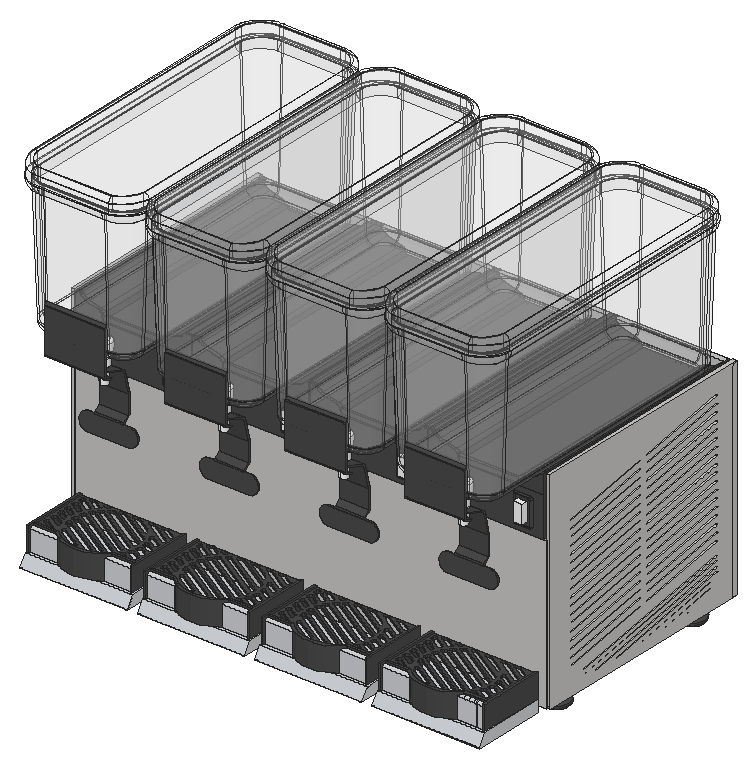
Revit family "QF_Vollrath-VBBD4-37T", category Specialty Equipment, Revit 2018 (continued)
Forms (in)
  Extrusion 43, solid, material "QF_Finishes-Clear Plastic"
    sketch origin (7.0917, 0, 0) x (1, 0, 0) y (0, 1, 0)
      loop
        line (-1.84748, -6.67215) -> (1.84782, -6.67215)
        arc (1.84782, -6.67215) -> (2.32464, -6.47464) -> (2.52215, -5.99781) r 0.67433
        line (2.52215, -5.99781) -> (2.52215, 9.13206)
        arc (2.52215, 9.13206) -> (2.32464, 9.60889) -> (1.84782, 9.8064) r 0.67433
        line (1.84782, 9.8064) -> (-1.84748, 9.8064)
        arc (-1.84748, 9.8064) -> (-2.32251, 9.60963) -> (-2.51928, 9.1346) r 0.6718
    from 12.90709 to 13.05386
  Extrusion 44, solid, material "QF_Finishes-Black Plastic"
    sketch origin (7.06271, 0, 0) x (1, 0, 0) y (0, 1, 0)
      loop
        line (3.18945, -3.12402) -> (-3.14914, -3.12402) -> (-3.14914, -7.27756) -> (-3.05071, -7.27756) -> (-3.05071, -6.9626) -> (-1.68325, -6.9626)
        arc (-1.68325, -6.9626) -> (-1.65302, -6.96863) -> (-1.62741, -6.98581) r 0.07879
        arc (-1.62741, -6.98581) -> (0.01907, -7.67007) -> (1.66554, -6.98581) r 2.323
        arc (1.66554, -6.98581) -> (1.69232, -6.96862) -> (1.72357, -6.9626) r 0.08414
        line (1.72357, -6.9626) -> (3.09102, -6.9626) -> (3.09102, -7.27756) -> (3.18945, -7.27756) -> (3.18945, -3.12402)
      loop
        line (-3.05071, -3.19488) -> (-3.05071, -6.8248) -> (-1.68325, -6.8248)
        arc (-1.68325, -6.8248) -> (-1.60014, -6.84139) -> (-1.52977, -6.88862) r 0.21647
        arc (-1.52977, -6.88862) -> (0.02, -7.53304) -> (1.56978, -6.88862) r 2.18576
        arc (1.56978, -6.88862) -> (1.64015, -6.84139) -> (1.72326, -6.8248) r 0.21647
        line (1.72326, -6.8248) -> (3.09102, -6.8248) -> (3.09102, -3.19488) -> (-3.05071, -3.19488)
    from 1.03543 to 2.48031
  Extrusion 45, solid
    sketch origin (7.06271, 0, 0) x (0, 1, 0) y (0, 0, 1)
      loop
        line (-3.39961, 1.03543) -> (-7.3563, 1.03543) -> (-7.75, 0.3937) -> (-7.75, 0.35433) -> (-3.39961, 0.35433) -> (-3.39961, 1.03543)
    from -3.17717 to 3.27868
  Extrusion 46, solid
    sketch origin (7.06271, 0, 0) x (0, 1, 0) y (0, 0, -1)
      loop
        line (-6.9626, -2.40157) -> (-6.9626, -1.03543) -> (-7.18008, -1.03543) -> (-7.18008, -2.28346)
        arc (-7.18008, -2.28346) -> (-7.08882, -2.37471) -> (-6.9626, -2.40157) r 0.22732
    from -3.09102 to -1.40314
  Extrusion 47, solid, material "QF_Finishes-Black Plastic"
    sketch origin (7.0638, 0, 0) x (1, 0, 0) y (0, 1, 0)
      loop
        line (-3.05071, -6.8248) -> (-1.68325, -6.8248)
        arc (-1.68325, -6.8248) -> (-1.60014, -6.84139) -> (-1.52977, -6.88862) r 0.21647
        arc (-1.52977, -6.88862) -> (0.02, -7.53304) -> (1.56978, -6.88862) r 2.18576
        arc (1.56978, -6.88862) -> (1.64015, -6.84139) -> (1.72326, -6.8248) r 0.21647
        line (1.72326, -6.8248) -> (3.09102, -6.8248) -> (3.09102, -3.19488) -> (-3.05071, -3.19488) -> (-3.05071, -6.8248)
      loop
        line (1.99999, -5.31469) -> (-0.85274, -3.56972)
        arc (-0.85274, -3.56972) -> (-0.90143, -3.55568) -> (-0.95047, -3.56848) r 0.09564
        line (-0.95047, -3.56848) -> (-1.05079, -3.62641)
        arc (-1.05079, -3.62641) -> (-1.09797, -3.71056) -> (-1.05079, -3.79471) r 0.09865
        line (-1.05079, -3.79471) -> (1.89113, -5.59424)
        arc (1.89113, -5.59424) -> (1.98696, -5.59808) -> (2.04057, -5.51856) r 0.09843
        line (2.04057, -5.51856) -> (2.04706, -5.40253)
        arc (2.04706, -5.40253) -> (2.03544, -5.35223) -> (1.99999, -5.31469) r 0.09857
      loop
        line (1.92869, -5.80182) -> (-1.25519, -3.85429)
        arc (-1.25519, -3.85429) -> (-1.31546, -3.84407) -> (-1.37003, -3.87162) r 0.09782
        line (-1.37003, -3.87162) -> (-1.44371, -3.9453)
        arc (-1.44371, -3.9453) -> (-1.47148, -4.02385) -> (-1.42783, -4.09482) r 0.09665
        line (-1.42783, -4.09482) -> (1.79158, -6.06408)
        arc (1.79158, -6.06408) -> (1.8762, -6.07294) -> (1.93593, -6.01235) r 0.09812
        line (1.93593, -6.01235) -> (1.96819, -5.91075)
        arc (1.96819, -5.91075) -> (1.96695, -5.84957) -> (1.92869, -5.80182) r 0.09507
      loop
        line (1.74837, -6.22226) -> (-1.54753, -4.20621)
        arc (-1.54753, -4.20621) -> (-1.61887, -4.19636) -> (-1.67693, -4.23897) r 0.09584
        line (-1.67693, -4.23897) -> (-1.73108, -4.32679)
        arc (-1.73108, -4.32679) -> (-1.743, -4.39877) -> (-1.70104, -4.45845) r 0.09631
        line (-1.70104, -4.45845) -> (1.59739, -6.47604)
        arc (1.59739, -6.47604) -> (1.66914, -6.48577) -> (1.72723, -6.44255) r 0.09587
        line (1.72723, -6.44255) -> (1.78078, -6.35401)
        arc (1.78078, -6.35401) -> (1.79129, -6.28157) -> (1.74837, -6.22226) r 0.09741
      loop
        line (1.48132, -6.58966) -> (-1.74811, -4.61427)
        arc (-1.74811, -4.61427) -> (-1.83177, -4.60731) -> (-1.88979, -4.66798) r 0.09744
        line (-1.88979, -4.66798) -> (-1.92257, -4.76761)
        arc (-1.92257, -4.76761) -> (-1.92194, -4.82904) -> (-1.88395, -4.87732) r 0.0953
        line (-1.88395, -4.87732) -> (1.30511, -6.82801)
        arc (1.30511, -6.82801) -> (1.36581, -6.8405) -> (1.42146, -6.81321) r 0.09579
        line (1.42146, -6.81321) -> (1.49519, -6.73948)
        arc (1.49519, -6.73948) -> (1.52341, -6.66132) -> (1.48132, -6.58966) r 0.09779
      loop
        line (1.10757, -6.89177) -> (-1.84914, -5.0832)
        arc (-1.84914, -5.0832) -> (-1.94458, -5.07917) -> (-1.99846, -5.15805) r 0.0984
        line (-1.99846, -5.15805) -> (-2.00593, -5.27264)
        arc (-2.00593, -5.27264) -> (-1.99506, -5.32396) -> (-1.95906, -5.3621) r 0.09696
        line (-1.95906, -5.3621) -> (0.91264, -7.11867)
        arc (0.91264, -7.11867) -> (0.96072, -7.13194) -> (1.0088, -7.11867) r 0.09375
        line (1.0088, -7.11867) -> (1.10757, -7.05966)
        arc (1.10757, -7.05966) -> (1.15463, -6.97572) -> (1.10757, -6.89177) r 0.0984
      loop
        line (0.60863, -7.11732) -> (-1.82264, -5.63015)
        arc (-1.82264, -5.63015) -> (-1.92999, -5.63329) -> (-1.97033, -5.73281) r 0.09825
        line (-1.97033, -5.73281) -> (-1.93774, -5.87396)
        arc (-1.93774, -5.87396) -> (-1.92175, -5.90738) -> (-1.89442, -5.93238) r 0.09714
        line (-1.89442, -5.93238) -> (0.37225, -7.31886)
        arc (0.37225, -7.31886) -> (0.40695, -7.33252) -> (0.44421, -7.33107) r 0.09073
        line (0.44421, -7.33107) -> (0.58467, -7.29582)
        arc (0.58467, -7.29582) -> (0.65482, -7.21438) -> (0.60863, -7.11732) r 0.09843
      loop
        line (-0.15644, -7.18008) -> (-1.53008, -6.33984)
        arc (-1.53008, -6.33984) -> (-1.65245, -6.35562) -> (-1.66332, -6.47852) r 0.09845
        line (-1.66332, -6.47852) -> (-1.474, -6.72028) -> (-0.52036, -7.30361) -> (-0.21942, -7.36177)
        arc (-0.21942, -7.36177) -> (-0.1148, -7.29628) -> (-0.15644, -7.18008) r 0.09842
      loop
        line (1.92796, -4.73989) -> (-0.30697, -3.37282)
        arc (-0.30697, -3.37282) -> (-0.34079, -3.3598) -> (-0.37704, -3.35963) r 0.10043
        line (-0.37704, -3.35963) -> (-0.52004, -3.39377)
        arc (-0.52004, -3.39377) -> (-0.59167, -3.47506) -> (-0.54547, -3.57306) r 0.09865
        line (-0.54547, -3.57306) -> (1.85831, -5.04342)
        arc (1.85831, -5.04342) -> (1.96624, -5.03999) -> (2.00606, -4.93962) r 0.09842
        line (2.00606, -4.93962) -> (1.97137, -4.79716)
        arc (1.97137, -4.79716) -> (1.95507, -4.76442) -> (1.92796, -4.73989) r 0.09857
      loop
        line (1.46531, -3.92615) -> (0.62845, -3.41426)
        arc (0.62845, -3.41426) -> (0.46776, -3.37153) -> (0.30428, -3.34114) r 2.18615
        arc (0.30428, -3.34114) -> (0.19761, -3.4051) -> (0.23921, -3.5223) r 0.09818
        line (0.23921, -3.5223) -> (1.54679, -4.32213)
        arc (1.54679, -4.32213) -> (1.66978, -4.30502) -> (1.67799, -4.18113) r 0.09835
        arc (1.67799, -4.18113) -> (1.57664, -4.04948) -> (1.46531, -3.92615) r 2.12561
      loop
        line (2.83911, -4.23574) -> (1.36588, -3.33459)
        arc (1.36588, -3.33459) -> (1.34175, -3.32427) -> (1.31572, -3.32087) r 0.09593
        arc (1.31572, -3.32087) -> (1.27881, -3.321) -> (1.2419, -3.32087) r 5.03614
        arc (1.2419, -3.32087) -> (1.14687, -3.39171) -> (1.18925, -3.5024) r 0.0982
        arc (1.18925, -3.5024) -> (1.38493, -3.6409) -> (1.56306, -3.80134) r 2.04444
        line (1.56306, -3.80134) -> (2.73642, -4.51906)
        arc (2.73642, -4.51906) -> (2.8353, -4.51983) -> (2.88433, -4.43395) r 0.09782
        arc (2.88433, -4.43395) -> (2.88401, -4.37627) -> (2.88433, -4.31858) r 5.14481
        arc (2.88433, -4.31858) -> (2.87254, -4.27125) -> (2.83911, -4.23574) r 0.0965
      loop
        line (2.83639, -3.70334) -> (2.23231, -3.33383)
        arc (2.23231, -3.33383) -> (2.21027, -3.32439) -> (2.18655, -3.32087) r 0.09339
        line (2.18655, -3.32087) -> (1.99477, -3.32087)
        arc (1.99477, -3.32087) -> (1.89988, -3.39257) -> (1.94341, -3.50325) r 0.09837
        line (1.94341, -3.50325) -> (2.73528, -3.98763)
        arc (2.73528, -3.98763) -> (2.83413, -3.98931) -> (2.88433, -3.90415) r 0.09818
        arc (2.88433, -3.90415) -> (2.88448, -3.84599) -> (2.88433, -3.78784) r 11.3571
        arc (2.88433, -3.78784) -> (2.87139, -3.73933) -> (2.83639, -3.70334) r 0.09933
      loop
        arc (-2.69423, -5.62775) -> (-2.79372, -5.62586) -> (-2.84402, -5.71171) r 0.09843
        line (-2.84402, -5.71171) -> (-2.84402, -5.82709)
        arc (-2.84402, -5.82709) -> (-2.83145, -5.87522) -> (-2.79695, -5.91106) r 0.09843
        line (-2.79695, -5.91106) -> (-2.13741, -6.31449)
        arc (-2.13741, -6.31449) -> (-2.02317, -6.30683) -> (-1.99384, -6.19615) r 0.09819
        line (-1.99384, -6.19615) -> (-2.04986, -6.04886)
        arc (-2.04986, -6.04886) -> (-2.066, -6.01898) -> (-2.09144, -5.99647) r 0.09728
        line (-2.09144, -5.99647) -> (-2.69423, -5.62775)
      loop
        arc (-2.69423, -5.09701) -> (-2.79372, -5.09512) -> (-2.84402, -5.18097) r 0.09843
        line (-2.84402, -5.18097) -> (-2.84402, -5.29635)
        arc (-2.84402, -5.29635) -> (-2.83145, -5.34448) -> (-2.79695, -5.38032) r 0.09843
        line (-2.79695, -5.38032) -> (-2.30078, -5.68381)
        arc (-2.30078, -5.68381) -> (-2.19664, -5.68292) -> (-2.1516, -5.58901) r 0.09843
        line (-2.1516, -5.58901) -> (-2.16128, -5.47226)
        arc (-2.16128, -5.47226) -> (-2.17523, -5.42752) -> (-2.20826, -5.39428) r 0.09865
        line (-2.20826, -5.39428) -> (-2.69423, -5.09701)
      loop
        arc (-2.69423, -4.56627) -> (-2.79372, -4.56438) -> (-2.84402, -4.65023) r 0.09843
        line (-2.84402, -4.65023) -> (-2.84402, -4.76561)
        arc (-2.84402, -4.76561) -> (-2.83145, -4.81374) -> (-2.79695, -4.84958) r 0.09843
        line (-2.79695, -4.84958) -> (-2.29775, -5.15493)
        arc (-2.29775, -5.15493) -> (-2.20358, -5.15958) -> (-2.14873, -5.0829) r 0.09839
        line (-2.14873, -5.0829) -> (-2.13391, -4.98165)
        arc (-2.13391, -4.98165) -> (-2.14196, -4.92467) -> (-2.17954, -4.8811) r 0.10209
        line (-2.17954, -4.8811) -> (-2.69423, -4.56627)
      loop
        arc (-2.69423, -4.03555) -> (-2.79372, -4.03365) -> (-2.84402, -4.11951) r 0.09843
        line (-2.84402, -4.11951) -> (-2.84402, -4.23489)
        arc (-2.84402, -4.23489) -> (-2.83145, -4.28301) -> (-2.79695, -4.31885) r 0.09843
        line (-2.79695, -4.31885) -> (-2.19054, -4.68978)
        arc (-2.19054, -4.68978) -> (-2.10586, -4.69843) -> (-2.0461, -4.63781) r 0.09843
        line (-2.0461, -4.63781) -> (-2.01311, -4.5476)
        arc (-2.01311, -4.5476) -> (-2.01108, -4.48046) -> (-2.05286, -4.42787) r 0.09777
        line (-2.05286, -4.42787) -> (-2.69423, -4.03555)
      loop
        arc (-2.69423, -3.50479) -> (-2.79372, -3.5029) -> (-2.84402, -3.58875) r 0.09843
        line (-2.84402, -3.58875) -> (-2.84402, -3.70413)
        arc (-2.84402, -3.70413) -> (-2.83145, -3.75226) -> (-2.79695, -3.78809) r 0.09843
        line (-2.79695, -3.78809) -> (-2.00078, -4.2751)
        arc (-2.00078, -4.2751) -> (-1.92526, -4.28682) -> (-1.86377, -4.24142) r 0.09931
        line (-1.86377, -4.24142) -> (-1.8143, -4.16136)
        arc (-1.8143, -4.16136) -> (-1.80095, -4.08604) -> (-1.84557, -4.0239) r 0.09843
        line (-1.84557, -4.0239) -> (-2.69423, -3.50479)
      loop
        arc (-2.69423, -6.15849) -> (-2.79372, -6.1566) -> (-2.84402, -6.24246) r 0.09843
        line (-2.84402, -6.24246) -> (-2.84402, -6.35783)
        arc (-2.84402, -6.35783) -> (-2.83145, -6.40596) -> (-2.79695, -6.4418) r 0.09843
        line (-2.79695, -6.4418) -> (-2.18491, -6.81617) -> (-1.91188, -6.81617)
        arc (-1.91188, -6.81617) -> (-1.85587, -6.7319) -> (-1.9031, -6.64241) r 0.09904
        line (-1.9031, -6.64241) -> (-2.69423, -6.15849)
      loop
        line (-2.39494, -3.50325) -> (-1.73202, -3.90876)
        arc (-1.73202, -3.90876) -> (-1.66637, -3.92218) -> (-1.60735, -3.89047) r 0.09841
        line (-1.60735, -3.89047) -> (-1.54093, -3.82001)
        arc (-1.54093, -3.82001) -> (-1.51481, -3.73924) -> (-1.5609, -3.66795) r 0.09896
        line (-1.5609, -3.66795) -> (-2.18752, -3.28465)
        arc (-2.18752, -3.28465) -> (-2.235, -3.26983) -> (-2.28367, -3.28012) r 0.09843
        line (-2.28367, -3.28012) -> (-2.38686, -3.33173)
        arc (-2.38686, -3.33173) -> (-2.44114, -3.41512) -> (-2.39494, -3.50325) r 0.09843
      loop
        arc (-1.47591, -3.32087) -> (-1.57065, -3.39261) -> (-1.52727, -3.50325) r 0.09843
        line (-1.52727, -3.50325) -> (-1.3826, -3.59175)
        arc (-1.3826, -3.59175) -> (-1.32707, -3.60613) -> (-1.27295, -3.58713) r 0.09847
        line (-1.27295, -3.58713) -> (-1.18803, -3.52827)
        arc (-1.18803, -3.52827) -> (-1.14526, -3.44427) -> (-1.19182, -3.36231) r 0.09944
        line (-1.19182, -3.36231) -> (-1.23593, -3.33533)
        arc (-1.23593, -3.33533) -> (-1.26061, -3.32455) -> (-1.28729, -3.32087) r 0.09843
        line (-1.28729, -3.32087) -> (-1.47591, -3.32087)
      loop
        arc (2.16593, -4.35471) -> (2.05008, -4.36433) -> (2.02423, -4.47767) r 0.09841
        line (2.02423, -4.47767) -> (2.08147, -4.62318)
        arc (2.08147, -4.62318) -> (2.09769, -4.65241) -> (2.12281, -4.67447) r 0.09781
        line (2.12281, -4.67447) -> (2.73454, -5.04866)
        arc (2.73454, -5.04866) -> (2.83403, -5.05055) -> (2.88433, -4.9647) r 0.09843
        line (2.88433, -4.9647) -> (2.88433, -4.84932)
        arc (2.88433, -4.84932) -> (2.87176, -4.80119) -> (2.83726, -4.76535) r 0.09843
        line (2.83726, -4.76535) -> (2.16593, -4.35471)
      loop
        arc (2.33855, -4.99104) -> (2.23397, -4.99219) -> (2.18943, -5.08682) r 0.09845
        line (2.18943, -5.08682) -> (2.20051, -5.20384)
        arc (2.20051, -5.20384) -> (2.21442, -5.2483) -> (2.24726, -5.28133) r 0.09819
        line (2.24726, -5.28133) -> (2.73454, -5.5794)
        arc (2.73454, -5.5794) -> (2.83403, -5.58129) -> (2.88433, -5.49544) r 0.09843
        line (2.88433, -5.49544) -> (2.88433, -5.38006)
        arc (2.88433, -5.38006) -> (2.87176, -5.33193) -> (2.83726, -5.29609) r 0.09843
        line (2.83726, -5.29609) -> (2.33855, -4.99104)
      loop
        arc (2.34021, -5.5228) -> (2.24688, -5.51781) -> (2.19158, -5.59315) r 0.09828
        line (2.19158, -5.59315) -> (2.17713, -5.69751)
        arc (2.17713, -5.69751) -> (2.18485, -5.75432) -> (2.22293, -5.79719) r 0.09843
        line (2.22293, -5.79719) -> (2.73454, -6.11014)
        arc (2.73454, -6.11014) -> (2.83403, -6.11203) -> (2.88433, -6.02618) r 0.09843
        line (2.88433, -6.02618) -> (2.88433, -5.9108)
        arc (2.88433, -5.9108) -> (2.87176, -5.86267) -> (2.83726, -5.82683) r 0.09843
        line (2.83726, -5.82683) -> (2.34021, -5.5228)
      loop
        arc (2.2366, -5.99016) -> (2.15157, -5.98163) -> (2.09192, -6.04283) r 0.09842
        line (2.09192, -6.04283) -> (2.05934, -6.13333)
        arc (2.05934, -6.13333) -> (2.05873, -6.20007) -> (2.09985, -6.25265) r 0.1011
        line (2.09985, -6.25265) -> (2.73454, -6.64088)
        arc (2.73454, -6.64088) -> (2.83403, -6.64277) -> (2.88433, -6.55692) r 0.09843
        line (2.88433, -6.55692) -> (2.88433, -6.44154)
        arc (2.88433, -6.44154) -> (2.87176, -6.39341) -> (2.83726, -6.35758) r 0.09843
        line (2.83726, -6.35758) -> (2.2366, -5.99016)
      loop
        arc (2.04906, -6.40618) -> (1.97544, -6.39427) -> (1.91458, -6.43738) r 0.09845
        line (1.91458, -6.43738) -> (1.86362, -6.52146)
        arc (1.86362, -6.52146) -> (1.85022, -6.5966) -> (1.89492, -6.65847) r 0.09775
        line (1.89492, -6.65847) -> (2.15566, -6.81617) -> (2.42228, -6.81617)
        arc (2.42228, -6.81617) -> (2.48182, -6.73326) -> (2.43526, -6.64241) r 0.09794
        line (2.43526, -6.64241) -> (2.04906, -6.40618)
    from 2.28346 to 2.40157
  Extrusion 48, solid, material "QF_Finishes-Stainless"
    sketch origin (21.45125, 0, 0) x (0, 1, 0) y (0, 0, -1)
      loop
        arc (10.7576, -0.80737) -> (10.73165, -0.74473) -> (10.66901, -0.71878) r 0.08858
        line (10.66901, -0.71878) -> (-3.18504, -0.71878)
        arc (-3.18504, -0.71878) -> (-3.24768, -0.74473) -> (-3.27362, -0.80737) r 0.08858
        line (-3.27362, -0.80737) -> (-3.27362, -13.35433) -> (10.7576, -13.35433) -> (10.7576, -0.80737)
      loop
        line (8.85098, -1.60553) -> (6.83124, -1.2494) -> (6.81928, -1.31723)
        arc (6.81928, -1.31723) -> (6.84907, -1.34077) -> (6.88486, -1.3534) r 0.11572
        line (6.88486, -1.3534) -> (8.76503, -1.68493)
        arc (8.76503, -1.68493) -> (8.80299, -1.6853) -> (8.83902, -1.67336) r 0.11572
        line (8.83902, -1.67336) -> (8.85098, -1.60553)
      loop
        line (8.85098, -1.90536) -> (5.13082, -1.2494) -> (5.11886, -1.31723)
        arc (5.11886, -1.31723) -> (5.14864, -1.34077) -> (5.18444, -1.3534) r 0.11572
        line (5.18444, -1.3534) -> (8.76503, -1.98476)
        arc (8.76503, -1.98476) -> (8.80299, -1.98513) -> (8.83902, -1.97319) r 0.11572
        line (8.83902, -1.97319) -> (8.85098, -1.90536)
      loop
        line (8.85098, -2.20519) -> (3.43039, -1.2494) -> (3.41843, -1.31723)
        arc (3.41843, -1.31723) -> (3.44822, -1.34077) -> (3.48402, -1.3534) r 0.11572
        line (3.48402, -1.3534) -> (8.76503, -2.28459)
        arc (8.76503, -2.28459) -> (8.80299, -2.28496) -> (8.83902, -2.27302) r 0.11572
        line (8.83902, -2.27302) -> (8.85098, -2.20519)
      loop
        line (9.32147, -2.58798) -> (1.72997, -1.2494) -> (1.71792, -1.31773)
        arc (1.71792, -1.31773) -> (1.7477, -1.34127) -> (1.7835, -1.3539) r 0.11572
        line (1.7835, -1.3539) -> (9.23542, -2.66788)
        arc (9.23542, -2.66788) -> (9.27338, -2.66825) -> (9.30942, -2.65631) r 0.11572
        line (9.30942, -2.65631) -> (9.32147, -2.58798)
      loop
        line (9.32147, -2.88782) -> (0.02955, -1.2494) -> (0.0175, -1.31773)
        arc (0.0175, -1.31773) -> (0.04728, -1.34127) -> (0.08308, -1.3539) r 0.11572
        line (0.08308, -1.3539) -> (9.23542, -2.96771)
        arc (9.23542, -2.96771) -> (9.27338, -2.96808) -> (9.30942, -2.95614) r 0.11572
        line (9.30942, -2.95614) -> (9.32147, -2.88782)
      loop
        line (9.32147, -3.18765) -> (-0.85632, -1.39303) -> (-0.86836, -1.46136)
        arc (-0.86836, -1.46136) -> (-0.83858, -1.4849) -> (-0.80278, -1.49753) r 0.11572
        line (-0.80278, -1.49753) -> (9.23542, -3.26754)
        arc (9.23542, -3.26754) -> (9.27338, -3.26791) -> (9.30942, -3.25598) r 0.11572
        line (9.30942, -3.25598) -> (9.32147, -3.18765)
      loop
        line (9.32147, -3.48748) -> (-0.85632, -1.69286) -> (-0.86836, -1.76119)
        arc (-0.86836, -1.76119) -> (-0.83858, -1.78473) -> (-0.80278, -1.79736) r 0.11572
        line (-0.80278, -1.79736) -> (9.23542, -3.56737)
        arc (9.23542, -3.56737) -> (9.27338, -3.56774) -> (9.30942, -3.55581) r 0.11572
        line (9.30942, -3.55581) -> (9.32147, -3.48748)
      loop
        line (9.32185, -4.22424) -> (3.9704, -3.28063) -> (3.94984, -3.39722)
        arc (3.94984, -3.39722) -> (3.97963, -3.42076) -> (4.01542, -3.4334) r 0.11572
        line (4.01542, -3.4334) -> (9.22729, -4.35239)
        arc (9.22729, -4.35239) -> (9.26526, -4.35276) -> (9.30129, -4.34083) r 0.11572
        line (9.30129, -4.34083) -> (9.32185, -4.22424)
      loop
        line (3.58682, -3.213) -> (-1.76463, -2.26939) -> (-1.78519, -2.38598)
        arc (-1.78519, -2.38598) -> (-1.75541, -2.40952) -> (-1.71961, -2.42215) r 0.11572
        line (-1.71961, -2.42215) -> (3.49226, -3.34115)
        arc (3.49226, -3.34115) -> (3.53022, -3.34152) -> (3.56626, -3.32958) r 0.11572
        line (3.56626, -3.32958) -> (3.58682, -3.213)
      loop
        line (9.32185, -4.68766) -> (3.9704, -3.74406) -> (3.94984, -3.86065)
        arc (3.94984, -3.86065) -> (3.97963, -3.88419) -> (4.01542, -3.89682) r 0.11572
        line (4.01542, -3.89682) -> (9.22729, -4.81581)
        arc (9.22729, -4.81581) -> (9.26526, -4.81619) -> (9.30129, -4.80425) r 0.11572
        line (9.30129, -4.80425) -> (9.32185, -4.68766)
      loop
        line (3.58682, -3.67642) -> (-1.76463, -2.73282) -> (-1.78519, -2.8494)
        arc (-1.78519, -2.8494) -> (-1.75541, -2.87294) -> (-1.71961, -2.88558) r 0.11572
        line (-1.71961, -2.88558) -> (3.49226, -3.80457)
        arc (3.49226, -3.80457) -> (3.53022, -3.80494) -> (3.56626, -3.79301) r 0.11572
        line (3.56626, -3.79301) -> (3.58682, -3.67642)
      loop
        line (9.32185, -5.15109) -> (3.9704, -4.20748) -> (3.94984, -4.32407)
        arc (3.94984, -4.32407) -> (3.97963, -4.34761) -> (4.01542, -4.36025) r 0.11572
        line (4.01542, -4.36025) -> (9.22729, -5.27924)
        arc (9.22729, -5.27924) -> (9.26526, -5.27961) -> (9.30129, -5.26768) r 0.11572
        line (9.30129, -5.26768) -> (9.32185, -5.15109)
      loop
        line (3.58682, -4.13985) -> (-1.76463, -3.19624) -> (-1.78519, -3.31283)
        arc (-1.78519, -3.31283) -> (-1.75541, -3.33637) -> (-1.71961, -3.34901) r 0.11572
        line (-1.71961, -3.34901) -> (3.49226, -4.268)
        arc (3.49226, -4.268) -> (3.53022, -4.26837) -> (3.56626, -4.25644) r 0.11572
        line (3.56626, -4.25644) -> (3.58682, -4.13985)
      loop
        line (9.32185, -5.61451) -> (3.9704, -4.67091) -> (3.94984, -4.7875)
        arc (3.94984, -4.7875) -> (3.97963, -4.81104) -> (4.01542, -4.82367) r 0.11572
        line (4.01542, -4.82367) -> (9.22729, -5.74267)
        arc (9.22729, -5.74267) -> (9.26526, -5.74304) -> (9.30129, -5.7311) r 0.11572
        line (9.30129, -5.7311) -> (9.32185, -5.61451)
      loop
        line (3.58682, -4.60327) -> (-1.76463, -3.65967) -> (-1.78519, -3.77626)
        arc (-1.78519, -3.77626) -> (-1.75541, -3.7998) -> (-1.71961, -3.81243) r 0.11572
        line (-1.71961, -3.81243) -> (3.49226, -4.73142)
        arc (3.49226, -4.73142) -> (3.53022, -4.73179) -> (3.56626, -4.71986) r 0.11572
        line (3.56626, -4.71986) -> (3.58682, -4.60327)
      loop
        line (9.32185, -6.07794) -> (3.9704, -5.13434) -> (3.94984, -5.25092)
        arc (3.94984, -5.25092) -> (3.97963, -5.27446) -> (4.01542, -5.2871) r 0.11572
        line (4.01542, -5.2871) -> (9.22729, -6.20609)
        arc (9.22729, -6.20609) -> (9.26526, -6.20646) -> (9.30129, -6.19453) r 0.11572
        line (9.30129, -6.19453) -> (9.32185, -6.07794)
      loop
        line (3.58682, -5.0667) -> (-1.76463, -4.12309) -> (-1.78519, -4.23968)
        arc (-1.78519, -4.23968) -> (-1.75541, -4.26322) -> (-1.71961, -4.27586) r 0.11572
        line (-1.71961, -4.27586) -> (3.49226, -5.19485)
        arc (3.49226, -5.19485) -> (3.53022, -5.19522) -> (3.56626, -5.18329) r 0.11572
        line (3.56626, -5.18329) -> (3.58682, -5.0667)
      loop
        line (9.32185, -6.54137) -> (3.9704, -5.59776) -> (3.94984, -5.71435)
        arc (3.94984, -5.71435) -> (3.97963, -5.73789) -> (4.01542, -5.75052) r 0.11572
        line (4.01542, -5.75052) -> (9.22729, -6.66952)
        arc (9.22729, -6.66952) -> (9.26526, -6.66989) -> (9.30129, -6.65795) r 0.11572
        line (9.30129, -6.65795) -> (9.32185, -6.54137)
      loop
        line (3.58682, -5.53012) -> (-1.76463, -4.58652) -> (-1.78519, -4.70311)
        arc (-1.78519, -4.70311) -> (-1.75541, -4.72665) -> (-1.71961, -4.73928) r 0.11572
        line (-1.71961, -4.73928) -> (3.49226, -5.65827)
        arc (3.49226, -5.65827) -> (3.53022, -5.65864) -> (3.56626, -5.64671) r 0.11572
        line (3.56626, -5.64671) -> (3.58682, -5.53012)
      loop
        line (9.32185, -7.00479) -> (3.9704, -6.06119) -> (3.94984, -6.17777)
        arc (3.94984, -6.17777) -> (3.97963, -6.20131) -> (4.01542, -6.21395) r 0.11572
        line (4.01542, -6.21395) -> (9.22729, -7.13294)
        arc (9.22729, -7.13294) -> (9.26526, -7.13331) -> (9.30129, -7.12138) r 0.11572
        line (9.30129, -7.12138) -> (9.32185, -7.00479)
      loop
        line (3.58682, -5.99355) -> (-1.76463, -5.04994) -> (-1.78519, -5.16653)
        arc (-1.78519, -5.16653) -> (-1.75541, -5.19007) -> (-1.71961, -5.20271) r 0.11572
        line (-1.71961, -5.20271) -> (3.49226, -6.1217)
        arc (3.49226, -6.1217) -> (3.53022, -6.12207) -> (3.56626, -6.11014) r 0.11572
        line (3.56626, -6.11014) -> (3.58682, -5.99355)
      loop
        line (9.32185, -7.46822) -> (3.9704, -6.52461) -> (3.94984, -6.6412)
        arc (3.94984, -6.6412) -> (3.97963, -6.66474) -> (4.01542, -6.67737) r 0.11572
        line (4.01542, -6.67737) -> (9.22729, -7.59637)
        arc (9.22729, -7.59637) -> (9.26526, -7.59674) -> (9.30129, -7.5848) r 0.11572
        line (9.30129, -7.5848) -> (9.32185, -7.46822)
      loop
        line (3.58682, -6.45697) -> (-1.76463, -5.51337) -> (-1.78519, -5.62996)
        arc (-1.78519, -5.62996) -> (-1.75541, -5.6535) -> (-1.71961, -5.66613) r 0.11572
        line (-1.71961, -5.66613) -> (3.49226, -6.58512)
        arc (3.49226, -6.58512) -> (3.53022, -6.5855) -> (3.56626, -6.57356) r 0.11572
        line (3.56626, -6.57356) -> (3.58682, -6.45697)
      loop
        line (9.32185, -7.93164) -> (3.9704, -6.98804) -> (3.94984, -7.10462)
        arc (3.94984, -7.10462) -> (3.97963, -7.12816) -> (4.01542, -7.1408) r 0.11572
        line (4.01542, -7.1408) -> (9.22729, -8.05979)
        arc (9.22729, -8.05979) -> (9.26526, -8.06016) -> (9.30129, -8.04823) r 0.11572
        line (9.30129, -8.04823) -> (9.32185, -7.93164)
      loop
        line (3.58682, -6.9204) -> (-1.76463, -5.97679) -> (-1.78519, -6.09338)
        arc (-1.78519, -6.09338) -> (-1.75541, -6.11692) -> (-1.71961, -6.12956) r 0.11572
        line (-1.71961, -6.12956) -> (3.49226, -7.04855)
        arc (3.49226, -7.04855) -> (3.53022, -7.04892) -> (3.56626, -7.03699) r 0.11572
        line (3.56626, -7.03699) -> (3.58682, -6.9204)
      loop
        line (9.32185, -8.39507) -> (3.9704, -7.45146) -> (3.94984, -7.56805)
        arc (3.94984, -7.56805) -> (3.97963, -7.59159) -> (4.01542, -7.60422) r 0.11572
        line (4.01542, -7.60422) -> (9.22729, -8.52322)
        arc (9.22729, -8.52322) -> (9.26526, -8.52359) -> (9.30129, -8.51165) r 0.11572
        line (9.30129, -8.51165) -> (9.32185, -8.39507)
      loop
        line (3.58682, -7.38382) -> (-1.76463, -6.44022) -> (-1.78519, -6.55681)
        arc (-1.78519, -6.55681) -> (-1.75541, -6.58035) -> (-1.71961, -6.59298) r 0.11572
        line (-1.71961, -6.59298) -> (3.49226, -7.51198)
        arc (3.49226, -7.51198) -> (3.53022, -7.51235) -> (3.56626, -7.50041) r 0.11572
        line (3.56626, -7.50041) -> (3.58682, -7.38382)
      loop
        line (9.32185, -8.85849) -> (3.9704, -7.91489) -> (3.94984, -8.03147)
        arc (3.94984, -8.03147) -> (3.97963, -8.05501) -> (4.01542, -8.06765) r 0.11572
        line (4.01542, -8.06765) -> (9.22729, -8.98664)
        arc (9.22729, -8.98664) -> (9.26526, -8.98701) -> (9.30129, -8.97508) r 0.11572
        line (9.30129, -8.97508) -> (9.32185, -8.85849)
      loop
        line (3.58682, -7.84725) -> (-1.76463, -6.90364) -> (-1.78519, -7.02023)
        arc (-1.78519, -7.02023) -> (-1.75541, -7.04377) -> (-1.71961, -7.05641) r 0.11572
        line (-1.71961, -7.05641) -> (3.49226, -7.9754)
        arc (3.49226, -7.9754) -> (3.53022, -7.97577) -> (3.56626, -7.96384) r 0.11572
        line (3.56626, -7.96384) -> (3.58682, -7.84725)
      loop
        line (9.32185, -9.32192) -> (3.9704, -8.37831) -> (3.94984, -8.4949)
        arc (3.94984, -8.4949) -> (3.97963, -8.51844) -> (4.01542, -8.53107) r 0.11572
        line (4.01542, -8.53107) -> (9.22729, -9.45007)
        arc (9.22729, -9.45007) -> (9.26526, -9.45044) -> (9.30129, -9.4385) r 0.11572
        line (9.30129, -9.4385) -> (9.32185, -9.32192)
      loop
        line (3.58682, -8.31068) -> (-1.76463, -7.36707) -> (-1.78519, -7.48366)
        arc (-1.78519, -7.48366) -> (-1.75541, -7.5072) -> (-1.71961, -7.51983) r 0.11572
        line (-1.71961, -7.51983) -> (3.49226, -8.43883)
        arc (3.49226, -8.43883) -> (3.53022, -8.4392) -> (3.56626, -8.42726) r 0.11572
        line (3.56626, -8.42726) -> (3.58682, -8.31068)
      loop
        line (9.32185, -9.78534) -> (3.9704, -8.84174) -> (3.94984, -8.95832)
        arc (3.94984, -8.95832) -> (3.97963, -8.98186) -> (4.01542, -8.9945) r 0.11572
        line (4.01542, -8.9945) -> (9.22729, -9.91349)
        arc (9.22729, -9.91349) -> (9.26526, -9.91386) -> (9.30129, -9.90193) r 0.11572
        line (9.30129, -9.90193) -> (9.32185, -9.78534)
      loop
        line (3.58682, -8.7741) -> (-1.76463, -7.8305) -> (-1.78519, -7.94708)
        arc (-1.78519, -7.94708) -> (-1.75541, -7.97062) -> (-1.71961, -7.98326) r 0.11572
        line (-1.71961, -7.98326) -> (3.49226, -8.90225)
        arc (3.49226, -8.90225) -> (3.53022, -8.90262) -> (3.56626, -8.89069) r 0.11572
        line (3.56626, -8.89069) -> (3.58682, -8.7741)
      loop
        line (9.32185, -10.24877) -> (3.9704, -9.30516) -> (3.94984, -9.42175)
        arc (3.94984, -9.42175) -> (3.97963, -9.44529) -> (4.01542, -9.45792) r 0.11572
        line (4.01542, -9.45792) -> (9.22729, -10.37692)
        arc (9.22729, -10.37692) -> (9.26526, -10.37729) -> (9.30129, -10.36535) r 0.11572
        line (9.30129, -10.36535) -> (9.32185, -10.24877)
      loop
        line (3.58682, -9.23753) -> (-1.76463, -8.29392) -> (-1.78519, -8.41051)
        arc (-1.78519, -8.41051) -> (-1.75541, -8.43405) -> (-1.71961, -8.44668) r 0.11572
        line (-1.71961, -8.44668) -> (3.49226, -9.36568)
        arc (3.49226, -9.36568) -> (3.53022, -9.36605) -> (3.56626, -9.35411) r 0.11572
        line (3.56626, -9.35411) -> (3.58682, -9.23753)
      loop
        line (9.32185, -10.71219) -> (3.9704, -9.76859) -> (3.94984, -9.88517)
        arc (3.94984, -9.88517) -> (3.97963, -9.90871) -> (4.01542, -9.92135) r 0.11572
        line (4.01542, -9.92135) -> (9.22729, -10.84034)
        arc (9.22729, -10.84034) -> (9.26526, -10.84071) -> (9.30129, -10.82878) r 0.11572
        line (9.30129, -10.82878) -> (9.32185, -10.71219)
      loop
        line (3.58682, -9.70095) -> (-1.76463, -8.75735) -> (-1.78519, -8.87393)
        arc (-1.78519, -8.87393) -> (-1.75541, -8.89747) -> (-1.71961, -8.91011) r 0.11572
        line (-1.71961, -8.91011) -> (3.49226, -9.8291)
        arc (3.49226, -9.8291) -> (3.53022, -9.82947) -> (3.56626, -9.81754) r 0.11572
        line (3.56626, -9.81754) -> (3.58682, -9.70095)
      loop
        line (9.32185, -11.17562) -> (3.9704, -10.23201) -> (3.94984, -10.3486)
        arc (3.94984, -10.3486) -> (3.97963, -10.37214) -> (4.01542, -10.38477) r 0.11572
        line (4.01542, -10.38477) -> (9.22729, -11.30377)
        arc (9.22729, -11.30377) -> (9.26526, -11.30414) -> (9.30129, -11.2922) r 0.11572
        line (9.30129, -11.2922) -> (9.32185, -11.17562)
      loop
        line (3.58682, -10.16438) -> (-1.76463, -9.22077) -> (-1.78519, -9.33736)
        arc (-1.78519, -9.33736) -> (-1.75541, -9.3609) -> (-1.71961, -9.37353) r 0.11572
        line (-1.71961, -9.37353) -> (3.49226, -10.29253)
        arc (3.49226, -10.29253) -> (3.53022, -10.2929) -> (3.56626, -10.28096) r 0.11572
        line (3.56626, -10.28096) -> (3.58682, -10.16438)
      loop
        line (9.32185, -11.63904) -> (3.9704, -10.69544) -> (3.94984, -10.81202)
        arc (3.94984, -10.81202) -> (3.97963, -10.83556) -> (4.01542, -10.8482) r 0.11572
        line (4.01542, -10.8482) -> (9.22729, -11.76719)
        arc (9.22729, -11.76719) -> (9.26526, -11.76756) -> (9.30129, -11.75563) r 0.11572
        line (9.30129, -11.75563) -> (9.32185, -11.63904)
      loop
        line (3.58682, -10.6278) -> (-1.76463, -9.6842) -> (-1.78519, -9.80078)
        arc (-1.78519, -9.80078) -> (-1.75541, -9.82432) -> (-1.71961, -9.83696) r 0.11572
        line (-1.71961, -9.83696) -> (3.49226, -10.75595)
        arc (3.49226, -10.75595) -> (3.53022, -10.75632) -> (3.56626, -10.74439) r 0.11572
        line (3.56626, -10.74439) -> (3.58682, -10.6278)
      loop
        line (9.32185, -12.10307) -> (3.9704, -11.15947) -> (3.94984, -11.27605)
        arc (3.94984, -11.27605) -> (3.97963, -11.29959) -> (4.01542, -11.31223) r 0.11572
        line (4.01542, -11.31223) -> (9.22729, -12.23122)
        arc (9.22729, -12.23122) -> (9.26526, -12.23159) -> (9.30129, -12.21966) r 0.11572
        line (9.30129, -12.21966) -> (9.32185, -12.10307)
      loop
        line (3.58682, -11.09183) -> (-1.76463, -10.14822) -> (-1.78519, -10.26481)
        arc (-1.78519, -10.26481) -> (-1.75541, -10.28835) -> (-1.71961, -10.30099) r 0.11572
        line (-1.71961, -10.30099) -> (3.49226, -11.21998)
        arc (3.49226, -11.21998) -> (3.53022, -11.22035) -> (3.56626, -11.20842) r 0.11572
        line (3.56626, -11.20842) -> (3.58682, -11.09183)
    from -3.6675 to -3.46457
  Extrusion 49, solid
    sketch origin (7.06271, 0, 0) x (0, 1, 0) y (0, 0, 1)
      loop
        arc (-6.9626, 2.40157) -> (-7.08882, 2.37471) -> (-7.18008, 2.28346) r 0.22732
        line (-7.18008, 2.28346) -> (-7.18008, 1.03543) -> (-6.9626, 1.03543) -> (-6.9626, 2.40157)
    from -3.05071 to -1.36292
  Sweep 50, solid, material "QF_Finishes-Black Plastic"
    path origin (0.00669, 0, 0) x (1, 0, 0) y (0, 0, 1)
      loop
        arc (-2.90354, 10.17079) -> (-2.88625, 10.12903) -> (-2.84449, 10.11173) r 0.05906
        line (-2.84449, 10.11173) -> (-1.99803, 10.11173)
        arc (-1.99803, 10.11173) -> (-1.95627, 10.12903) -> (-1.93898, 10.17079) r 0.05906
        line (-1.93898, 10.17079) -> (-1.93898, 11.63929)
        arc (-1.93898, 11.63929) -> (-1.95627, 11.68105) -> (-1.99803, 11.69835) r 0.05906
        line (-1.99803, 11.69835) -> (-2.84449, 11.69835)
        arc (-2.84449, 11.69835) -> (-2.88625, 11.68105) -> (-2.90354, 11.63929) r 0.05906
        line (-2.90354, 11.63929) -> (-2.90354, 10.17079)
    profile origin (-2.89685, 0, 10.90504) x (-1, 0, 0) y (0, -1, 0)
      loop
        arc (0.09489, 3.27803) -> (0.04169, 3.30166) -> (0.01972, 3.35557) r 0.0779
        arc (0.01972, 3.35557) -> (0.01127, 3.3726) -> (-0.00738, 3.37633) r 0.02157
        line (-0.00738, 3.37633) -> (-0.00738, 3.27803) -> (0.09489, 3.27803)
  Extrusion 51, solid, material "QF_Finishes-White Rubber"
    sketch origin (0.00669, 0, 0) x (1, 0, 0) y (0, 0, 1)
      loop
        line (-2.66535, 10.3637) -> (-2.17717, 10.3637) -> (-2.17717, 11.44638) -> (-2.66535, 11.44638) -> (-2.66535, 10.3637)
    from 3.27362 to 3.65598
  Extrusion 52, solid, material "QF_Finishes-Black Plastic"
    sketch origin (14.12542, 0, 0) x (1, 0, 0) y (0, 1, 0)
      loop
        line (3.18945, -3.12402) -> (-3.14914, -3.12402) -> (-3.14914, -7.27756) -> (-3.05071, -7.27756) -> (-3.05071, -6.9626) -> (-1.68325, -6.9626)
        arc (-1.68325, -6.9626) -> (-1.65302, -6.96863) -> (-1.62741, -6.98581) r 0.07879
        arc (-1.62741, -6.98581) -> (0.01907, -7.67007) -> (1.66554, -6.98581) r 2.323
        arc (1.66554, -6.98581) -> (1.69232, -6.96862) -> (1.72357, -6.9626) r 0.08414
        line (1.72357, -6.9626) -> (3.09102, -6.9626) -> (3.09102, -7.27756) -> (3.18945, -7.27756) -> (3.18945, -3.12402)
      loop
        line (-3.05071, -3.19488) -> (-3.05071, -6.8248) -> (-1.68325, -6.8248)
        arc (-1.68325, -6.8248) -> (-1.60014, -6.84139) -> (-1.52977, -6.88862) r 0.21647
        arc (-1.52977, -6.88862) -> (0.02, -7.53304) -> (1.56978, -6.88862) r 2.18576
        arc (1.56978, -6.88862) -> (1.64015, -6.84139) -> (1.72326, -6.8248) r 0.21647
        line (1.72326, -6.8248) -> (3.09102, -6.8248) -> (3.09102, -3.19488) -> (-3.05071, -3.19488)
    from 1.03543 to 2.48031
  Extrusion 53, solid
    sketch origin (14.12542, 0, 0) x (0, 1, 0) y (0, 0, 1)
      loop
        line (-3.39961, 1.03543) -> (-7.3563, 1.03543) -> (-7.75, 0.3937) -> (-7.75, 0.35433) -> (-3.39961, 0.35433) -> (-3.39961, 1.03543)
    from -3.17717 to 3.27868
  Extrusion 54, solid
    sketch origin (14.12542, 0, 0) x (0, 1, 0) y (0, 0, -1)
      loop
        line (-6.9626, -2.40157) -> (-6.9626, -1.03543) -> (-7.18008, -1.03543) -> (-7.18008, -2.28346)
        arc (-7.18008, -2.28346) -> (-7.08882, -2.37471) -> (-6.9626, -2.40157) r 0.22732
    from -3.09102 to -1.40314
  Extrusion 55, solid, material "QF_Finishes-Black Plastic"
    sketch origin (14.12651, 0, 0) x (1, 0, 0) y (0, 1, 0)
      loop
        line (-3.05071, -6.8248) -> (-1.68325, -6.8248)
        arc (-1.68325, -6.8248) -> (-1.60014, -6.84139) -> (-1.52977, -6.88862) r 0.21647
        arc (-1.52977, -6.88862) -> (0.02, -7.53304) -> (1.56978, -6.88862) r 2.18576
        arc (1.56978, -6.88862) -> (1.64015, -6.84139) -> (1.72326, -6.8248) r 0.21647
        line (1.72326, -6.8248) -> (3.09102, -6.8248) -> (3.09102, -3.19488) -> (-3.05071, -3.19488) -> (-3.05071, -6.8248)
      loop
        line (1.99999, -5.31469) -> (-0.85274, -3.56972)
        arc (-0.85274, -3.56972) -> (-0.90143, -3.55568) -> (-0.95047, -3.56848) r 0.09564
        line (-0.95047, -3.56848) -> (-1.05079, -3.62641)
        arc (-1.05079, -3.62641) -> (-1.09797, -3.71056) -> (-1.05079, -3.79471) r 0.09865
        line (-1.05079, -3.79471) -> (1.89113, -5.59424)
        arc (1.89113, -5.59424) -> (1.98696, -5.59808) -> (2.04057, -5.51856) r 0.09843
        line (2.04057, -5.51856) -> (2.04706, -5.40253)
        arc (2.04706, -5.40253) -> (2.03544, -5.35223) -> (1.99999, -5.31469) r 0.09857
      loop
        line (1.92869, -5.80182) -> (-1.25519, -3.85429)
        arc (-1.25519, -3.85429) -> (-1.31546, -3.84407) -> (-1.37003, -3.87162) r 0.09782
        line (-1.37003, -3.87162) -> (-1.44371, -3.9453)
        arc (-1.44371, -3.9453) -> (-1.47148, -4.02385) -> (-1.42783, -4.09482) r 0.09665
        line (-1.42783, -4.09482) -> (1.79158, -6.06408)
        arc (1.79158, -6.06408) -> (1.8762, -6.07294) -> (1.93593, -6.01235) r 0.09812
        line (1.93593, -6.01235) -> (1.96819, -5.91075)
        arc (1.96819, -5.91075) -> (1.96695, -5.84957) -> (1.92869, -5.80182) r 0.09507
      loop
        line (1.74837, -6.22226) -> (-1.54753, -4.20621)
        arc (-1.54753, -4.20621) -> (-1.61887, -4.19636) -> (-1.67693, -4.23897) r 0.09584
        line (-1.67693, -4.23897) -> (-1.73108, -4.32679)
        arc (-1.73108, -4.32679) -> (-1.743, -4.39877) -> (-1.70104, -4.45845) r 0.09631
        line (-1.70104, -4.45845) -> (1.59739, -6.47604)
        arc (1.59739, -6.47604) -> (1.66914, -6.48577) -> (1.72723, -6.44255) r 0.09587
        line (1.72723, -6.44255) -> (1.78078, -6.35401)
        arc (1.78078, -6.35401) -> (1.79129, -6.28157) -> (1.74837, -6.22226) r 0.09741
      loop
        line (1.48132, -6.58966) -> (-1.74811, -4.61427)
        arc (-1.74811, -4.61427) -> (-1.83177, -4.60731) -> (-1.88979, -4.66798) r 0.09744
        line (-1.88979, -4.66798) -> (-1.92257, -4.76761)
        arc (-1.92257, -4.76761) -> (-1.92194, -4.82904) -> (-1.88395, -4.87732) r 0.0953
        line (-1.88395, -4.87732) -> (1.30511, -6.82801)
        arc (1.30511, -6.82801) -> (1.36581, -6.8405) -> (1.42146, -6.81321) r 0.09579
        line (1.42146, -6.81321) -> (1.49519, -6.73948)
        arc (1.49519, -6.73948) -> (1.52341, -6.66132) -> (1.48132, -6.58966) r 0.09779
      loop
        line (1.10757, -6.89177) -> (-1.84914, -5.0832)
        arc (-1.84914, -5.0832) -> (-1.94458, -5.07917) -> (-1.99846, -5.15805) r 0.0984
        line (-1.99846, -5.15805) -> (-2.00593, -5.27264)
        arc (-2.00593, -5.27264) -> (-1.99506, -5.32396) -> (-1.95906, -5.3621) r 0.09696
        line (-1.95906, -5.3621) -> (0.91264, -7.11867)
        arc (0.91264, -7.11867) -> (0.96072, -7.13194) -> (1.0088, -7.11867) r 0.09375
        line (1.0088, -7.11867) -> (1.10757, -7.05966)
        arc (1.10757, -7.05966) -> (1.15463, -6.97572) -> (1.10757, -6.89177) r 0.0984
      loop
        line (0.60863, -7.11732) -> (-1.82264, -5.63015)
        arc (-1.82264, -5.63015) -> (-1.92999, -5.63329) -> (-1.97033, -5.73281) r 0.09825
        line (-1.97033, -5.73281) -> (-1.93774, -5.87396)
        arc (-1.93774, -5.87396) -> (-1.92175, -5.90738) -> (-1.89442, -5.93238) r 0.09714
        line (-1.89442, -5.93238) -> (0.37225, -7.31886)
        arc (0.37225, -7.31886) -> (0.40695, -7.33252) -> (0.44421, -7.33107) r 0.09073
        line (0.44421, -7.33107) -> (0.58467, -7.29582)
        arc (0.58467, -7.29582) -> (0.65482, -7.21438) -> (0.60863, -7.11732) r 0.09843
      loop
        line (-0.15644, -7.18008) -> (-1.53008, -6.33984)
        arc (-1.53008, -6.33984) -> (-1.65245, -6.35562) -> (-1.66332, -6.47852) r 0.09845
        line (-1.66332, -6.47852) -> (-1.474, -6.72028) -> (-0.52036, -7.30361) -> (-0.21942, -7.36177)
        arc (-0.21942, -7.36177) -> (-0.1148, -7.29628) -> (-0.15644, -7.18008) r 0.09842
      loop
        line (1.92796, -4.73989) -> (-0.30697, -3.37282)
        arc (-0.30697, -3.37282) -> (-0.34079, -3.3598) -> (-0.37704, -3.35963) r 0.10043
        line (-0.37704, -3.35963) -> (-0.52004, -3.39377)
        arc (-0.52004, -3.39377) -> (-0.59167, -3.47506) -> (-0.54547, -3.57306) r 0.09865
        line (-0.54547, -3.57306) -> (1.85831, -5.04342)
        arc (1.85831, -5.04342) -> (1.96624, -5.03999) -> (2.00606, -4.93962) r 0.09842
        line (2.00606, -4.93962) -> (1.97137, -4.79716)
        arc (1.97137, -4.79716) -> (1.95507, -4.76442) -> (1.92796, -4.73989) r 0.09857
      loop
        line (1.46531, -3.92615) -> (0.62845, -3.41426)
        arc (0.62845, -3.41426) -> (0.46776, -3.37153) -> (0.30428, -3.34114) r 2.18615
        arc (0.30428, -3.34114) -> (0.19761, -3.4051) -> (0.23921, -3.5223) r 0.09818
        line (0.23921, -3.5223) -> (1.54679, -4.32213)
        arc (1.54679, -4.32213) -> (1.66978, -4.30502) -> (1.67799, -4.18113) r 0.09835
        arc (1.67799, -4.18113) -> (1.57664, -4.04948) -> (1.46531, -3.92615) r 2.12561
      loop
        line (2.83911, -4.23574) -> (1.36588, -3.33459)
        arc (1.36588, -3.33459) -> (1.34175, -3.32427) -> (1.31572, -3.32087) r 0.09593
        arc (1.31572, -3.32087) -> (1.27881, -3.321) -> (1.2419, -3.32087) r 5.03614
        arc (1.2419, -3.32087) -> (1.14687, -3.39171) -> (1.18925, -3.5024) r 0.0982
        arc (1.18925, -3.5024) -> (1.38493, -3.6409) -> (1.56306, -3.80134) r 2.04444
        line (1.56306, -3.80134) -> (2.73642, -4.51906)
        arc (2.73642, -4.51906) -> (2.8353, -4.51983) -> (2.88433, -4.43395) r 0.09782
        arc (2.88433, -4.43395) -> (2.88401, -4.37627) -> (2.88433, -4.31858) r 5.14481
        arc (2.88433, -4.31858) -> (2.87254, -4.27125) -> (2.83911, -4.23574) r 0.0965
      loop
        line (2.83639, -3.70334) -> (2.23231, -3.33383)
        arc (2.23231, -3.33383) -> (2.21027, -3.32439) -> (2.18655, -3.32087) r 0.09339
        line (2.18655, -3.32087) -> (1.99477, -3.32087)
        arc (1.99477, -3.32087) -> (1.89988, -3.39257) -> (1.94341, -3.50325) r 0.09837
        line (1.94341, -3.50325) -> (2.73528, -3.98763)
        arc (2.73528, -3.98763) -> (2.83413, -3.98931) -> (2.88433, -3.90415) r 0.09818
        arc (2.88433, -3.90415) -> (2.88448, -3.84599) -> (2.88433, -3.78784) r 11.3571
        arc (2.88433, -3.78784) -> (2.87139, -3.73933) -> (2.83639, -3.70334) r 0.09933
      loop
        arc (-2.69423, -5.62775) -> (-2.79372, -5.62586) -> (-2.84402, -5.71171) r 0.09843
        line (-2.84402, -5.71171) -> (-2.84402, -5.82709)
        arc (-2.84402, -5.82709) -> (-2.83145, -5.87522) -> (-2.79695, -5.91106) r 0.09843
        line (-2.79695, -5.91106) -> (-2.13741, -6.31449)
        arc (-2.13741, -6.31449) -> (-2.02317, -6.30683) -> (-1.99384, -6.19615) r 0.09819
        line (-1.99384, -6.19615) -> (-2.04986, -6.04886)
        arc (-2.04986, -6.04886) -> (-2.066, -6.01898) -> (-2.09144, -5.99647) r 0.09728
        line (-2.09144, -5.99647) -> (-2.69423, -5.62775)
      loop
        arc (-2.69423, -5.09701) -> (-2.79372, -5.09512) -> (-2.84402, -5.18097) r 0.09843
        line (-2.84402, -5.18097) -> (-2.84402, -5.29635)
        arc (-2.84402, -5.29635) -> (-2.83145, -5.34448) -> (-2.79695, -5.38032) r 0.09843
        line (-2.79695, -5.38032) -> (-2.30078, -5.68381)
        arc (-2.30078, -5.68381) -> (-2.19664, -5.68292) -> (-2.1516, -5.58901) r 0.09843
        line (-2.1516, -5.58901) -> (-2.16128, -5.47226)
        arc (-2.16128, -5.47226) -> (-2.17523, -5.42752) -> (-2.20826, -5.39428) r 0.09865
        line (-2.20826, -5.39428) -> (-2.69423, -5.09701)
      loop
        arc (-2.69423, -4.56627) -> (-2.79372, -4.56438) -> (-2.84402, -4.65023) r 0.09843
        line (-2.84402, -4.65023) -> (-2.84402, -4.76561)
        arc (-2.84402, -4.76561) -> (-2.83145, -4.81374) -> (-2.79695, -4.84958) r 0.09843
        line (-2.79695, -4.84958) -> (-2.29775, -5.15493)
        arc (-2.29775, -5.15493) -> (-2.20358, -5.15958) -> (-2.14873, -5.0829) r 0.09839
        line (-2.14873, -5.0829) -> (-2.13391, -4.98165)
        arc (-2.13391, -4.98165) -> (-2.14196, -4.92467) -> (-2.17954, -4.8811) r 0.10209
        line (-2.17954, -4.8811) -> (-2.69423, -4.56627)
      loop
        arc (-2.69423, -4.03555) -> (-2.79372, -4.03365) -> (-2.84402, -4.11951) r 0.09843
        line (-2.84402, -4.11951) -> (-2.84402, -4.23489)
        arc (-2.84402, -4.23489) -> (-2.83145, -4.28301) -> (-2.79695, -4.31885) r 0.09843
        line (-2.79695, -4.31885) -> (-2.19054, -4.68978)
        arc (-2.19054, -4.68978) -> (-2.10586, -4.69843) -> (-2.0461, -4.63781) r 0.09843
        line (-2.0461, -4.63781) -> (-2.01311, -4.5476)
        arc (-2.01311, -4.5476) -> (-2.01108, -4.48046) -> (-2.05286, -4.42787) r 0.09777
        line (-2.05286, -4.42787) -> (-2.69423, -4.03555)
      loop
        arc (-2.69423, -3.50479) -> (-2.79372, -3.5029) -> (-2.84402, -3.58875) r 0.09843
        line (-2.84402, -3.58875) -> (-2.84402, -3.70413)
        arc (-2.84402, -3.70413) -> (-2.83145, -3.75226) -> (-2.79695, -3.78809) r 0.09843
        line (-2.79695, -3.78809) -> (-2.00078, -4.2751)
        arc (-2.00078, -4.2751) -> (-1.92526, -4.28682) -> (-1.86377, -4.24142) r 0.09931
        line (-1.86377, -4.24142) -> (-1.8143, -4.16136)
        arc (-1.8143, -4.16136) -> (-1.80095, -4.08604) -> (-1.84557, -4.0239) r 0.09843
        line (-1.84557, -4.0239) -> (-2.69423, -3.50479)
      loop
        arc (-2.69423, -6.15849) -> (-2.79372, -6.1566) -> (-2.84402, -6.24246) r 0.09843
        line (-2.84402, -6.24246) -> (-2.84402, -6.35783)
        arc (-2.84402, -6.35783) -> (-2.83145, -6.40596) -> (-2.79695, -6.4418) r 0.09843
        line (-2.79695, -6.4418) -> (-2.18491, -6.81617) -> (-1.91188, -6.81617)
        arc (-1.91188, -6.81617) -> (-1.85587, -6.7319) -> (-1.9031, -6.64241) r 0.09904
        line (-1.9031, -6.64241) -> (-2.69423, -6.15849)
      loop
        line (-2.39494, -3.50325) -> (-1.73202, -3.90876)
        arc (-1.73202, -3.90876) -> (-1.66637, -3.92218) -> (-1.60735, -3.89047) r 0.09841
        line (-1.60735, -3.89047) -> (-1.54093, -3.82001)
        arc (-1.54093, -3.82001) -> (-1.51481, -3.73924) -> (-1.5609, -3.66795) r 0.09896
        line (-1.5609, -3.66795) -> (-2.18752, -3.28465)
        arc (-2.18752, -3.28465) -> (-2.235, -3.26983) -> (-2.28367, -3.28012) r 0.09843
        line (-2.28367, -3.28012) -> (-2.38686, -3.33173)
        arc (-2.38686, -3.33173) -> (-2.44114, -3.41512) -> (-2.39494, -3.50325) r 0.09843
      loop
        arc (-1.47591, -3.32087) -> (-1.57065, -3.39261) -> (-1.52727, -3.50325) r 0.09843
        line (-1.52727, -3.50325) -> (-1.3826, -3.59175)
        arc (-1.3826, -3.59175) -> (-1.32707, -3.60613) -> (-1.27295, -3.58713) r 0.09847
        line (-1.27295, -3.58713) -> (-1.18803, -3.52827)
        arc (-1.18803, -3.52827) -> (-1.14526, -3.44427) -> (-1.19182, -3.36231) r 0.09944
        line (-1.19182, -3.36231) -> (-1.23593, -3.33533)
        arc (-1.23593, -3.33533) -> (-1.26061, -3.32455) -> (-1.28729, -3.32087) r 0.09843
        line (-1.28729, -3.32087) -> (-1.47591, -3.32087)
      loop
        arc (2.16593, -4.35471) -> (2.05008, -4.36433) -> (2.02423, -4.47767) r 0.09841
        line (2.02423, -4.47767) -> (2.08147, -4.62318)
        arc (2.08147, -4.62318) -> (2.09769, -4.65241) -> (2.12281, -4.67447) r 0.09781
        line (2.12281, -4.67447) -> (2.73454, -5.04866)
        arc (2.73454, -5.04866) -> (2.83403, -5.05055) -> (2.88433, -4.9647) r 0.09843
        line (2.88433, -4.9647) -> (2.88433, -4.84932)
        arc (2.88433, -4.84932) -> (2.87176, -4.80119) -> (2.83726, -4.76535) r 0.09843
        line (2.83726, -4.76535) -> (2.16593, -4.35471)
      loop
        arc (2.33855, -4.99104) -> (2.23397, -4.99219) -> (2.18943, -5.08682) r 0.09845
        line (2.18943, -5.08682) -> (2.20051, -5.20384)
        arc (2.20051, -5.20384) -> (2.21442, -5.2483) -> (2.24726, -5.28133) r 0.09819
        line (2.24726, -5.28133) -> (2.73454, -5.5794)
        arc (2.73454, -5.5794) -> (2.83403, -5.58129) -> (2.88433, -5.49544) r 0.09843
        line (2.88433, -5.49544) -> (2.88433, -5.38006)
        arc (2.88433, -5.38006) -> (2.87176, -5.33193) -> (2.83726, -5.29609) r 0.09843
        line (2.83726, -5.29609) -> (2.33855, -4.99104)
      loop
        arc (2.34021, -5.5228) -> (2.24688, -5.51781) -> (2.19158, -5.59315) r 0.09828
        line (2.19158, -5.59315) -> (2.17713, -5.69751)
        arc (2.17713, -5.69751) -> (2.18485, -5.75432) -> (2.22293, -5.79719) r 0.09843
        line (2.22293, -5.79719) -> (2.73454, -6.11014)
        arc (2.73454, -6.11014) -> (2.83403, -6.11203) -> (2.88433, -6.02618) r 0.09843
        line (2.88433, -6.02618) -> (2.88433, -5.9108)
        arc (2.88433, -5.9108) -> (2.87176, -5.86267) -> (2.83726, -5.82683) r 0.09843
        line (2.83726, -5.82683) -> (2.34021, -5.5228)
      loop
        arc (2.2366, -5.99016) -> (2.15157, -5.98163) -> (2.09192, -6.04283) r 0.09842
        line (2.09192, -6.04283) -> (2.05934, -6.13333)
        arc (2.05934, -6.13333) -> (2.05873, -6.20007) -> (2.09985, -6.25265) r 0.1011
        line (2.09985, -6.25265) -> (2.73454, -6.64088)
        arc (2.73454, -6.64088) -> (2.83403, -6.64277) -> (2.88433, -6.55692) r 0.09843
        line (2.88433, -6.55692) -> (2.88433, -6.44154)
        arc (2.88433, -6.44154) -> (2.87176, -6.39341) -> (2.83726, -6.35758) r 0.09843
        line (2.83726, -6.35758) -> (2.2366, -5.99016)
      loop
        arc (2.04906, -6.40618) -> (1.97544, -6.39427) -> (1.91458, -6.43738) r 0.09845
        line (1.91458, -6.43738) -> (1.86362, -6.52146)
        arc (1.86362, -6.52146) -> (1.85022, -6.5966) -> (1.89492, -6.65847) r 0.09775
        line (1.89492, -6.65847) -> (2.15566, -6.81617) -> (2.42228, -6.81617)
        arc (2.42228, -6.81617) -> (2.48182, -6.73326) -> (2.43526, -6.64241) r 0.09794
        line (2.43526, -6.64241) -> (2.04906, -6.40618)
    from 2.28346 to 2.40157
  Extrusion 56, solid
    sketch origin (14.12542, 0, 0) x (0, 1, 0) y (0, 0, 1)
      loop
        arc (-6.9626, 2.40157) -> (-7.08882, 2.37471) -> (-7.18008, 2.28346) r 0.22732
        line (-7.18008, 2.28346) -> (-7.18008, 1.03543) -> (-6.9626, 1.03543) -> (-6.9626, 2.40157)
    from -3.05071 to -1.36292
  Sweep 57, solid, material "QF_Finishes-Clear Plastic"
    path origin (14.31571, 3.74664, -1.59015) x (1, 0, 0) y (0, 1, 0)
      loop
        line (-2.2551, -11.10622) -> (2.2551, -11.10622)
        arc (2.2551, -11.10622) -> (2.85564, -10.64462) -> (3.17382, -9.95724) r 1.58698
        line (3.17382, -9.95724) -> (3.17382, 5.36453)
        arc (3.17382, 5.36453) -> (2.71278, 6.17327) -> (1.84782, 6.51746) r 1.40778
        line (1.84782, 6.51746) -> (-1.84782, 6.51746)
        arc (-1.84782, 6.51746) -> (-2.71161, 6.17429) -> (-3.17326, 5.36758) r 1.40778
        line (-3.17326, 5.36758) -> (-3.17326, -9.96011)
        arc (-3.17326, -9.96011) -> (-2.85472, -10.64576) -> (-2.2551, -11.10622) r 1.58698
    profile origin (14.31571, -7.35958, -1.59015) x (0, 1, 0) y (0, 0, 1)
      loop
        line (-0.39475, 22.88102) -> (-0.01824, 22.88102) -> (-0.01824, 23.6765)
        arc (-0.01824, 23.6765) -> (-0.26993, 23.6729) -> (-0.39475, 23.45431) r 0.25381
        line (-0.39475, 23.45431) -> (-0.39475, 22.88102)
  Extrusion 58, solid, material "QF_Finishes-Clear Plastic"
    sketch origin (14.31572, 3.7403, -2.36291) x (1, 0, 0) y (0, 1, 0)
      loop
        line (-2.15049, -11.11812) -> (2.25892, -11.11812)
        arc (2.25892, -11.11812) -> (2.86473, -10.65608) -> (3.18926, -9.96676) r 1.60522
        line (3.18926, -9.96676) -> (3.18926, 5.42563)
        arc (3.18926, 5.42563) -> (2.86227, 6.21505) -> (2.07284, 6.54204) r 1.11642
        line (2.07284, 6.54204) -> (-2.09748, 6.54204)
        arc (-2.09748, 6.54204) -> (-2.80722, 6.28665) -> (-3.1915, 5.63759) r 1.11388
        line (-3.1915, 5.63759) -> (-3.1915, -9.95554)
        arc (-3.1915, -9.95554) -> (-2.83451, -10.68325) -> (-2.15049, -11.11812) r 1.49663
    from 24.42674 to 24.46291
  Extrusion 59, solid, material "QF_Finishes-Black Plastic"
    sketch origin (14.07832, 0, 0) x (1, 0, 0) y (0, 0, 1)
      loop
        arc (-3.06893, 13.19444) -> (-3.1372, 13.24812) -> (-3.22192, 13.26725) r 0.19715
        line (-3.22192, 13.26725) -> (-3.42469, 13.26725) -> (-3.42469, 9.73814) -> (3.70996, 9.73814) -> (3.70996, 13.26725) -> (3.49357, 13.26725)
        arc (3.49357, 13.26725) -> (3.42756, 13.25587) -> (3.36917, 13.22304) r 0.19715
        arc (3.36917, 13.22304) -> (3.33142, 13.14138) -> (3.27571, 13.07076) r 0.3838
        arc (3.27571, 13.07076) -> (3.1435, 12.96931) -> (2.98955, 12.90554) r 0.63833
        line (2.98955, 12.90554) -> (2.23641, 12.70374)
        arc (2.23641, 12.70374) -> (2.12033, 12.63647) -> (2.05382, 12.51995) r 0.2576
        line (2.05382, 12.51995) -> (-1.58365, 12.51995)
        arc (-1.58365, 12.51995) -> (-1.65138, 12.62653) -> (-1.76163, 12.68812) r 0.2576
